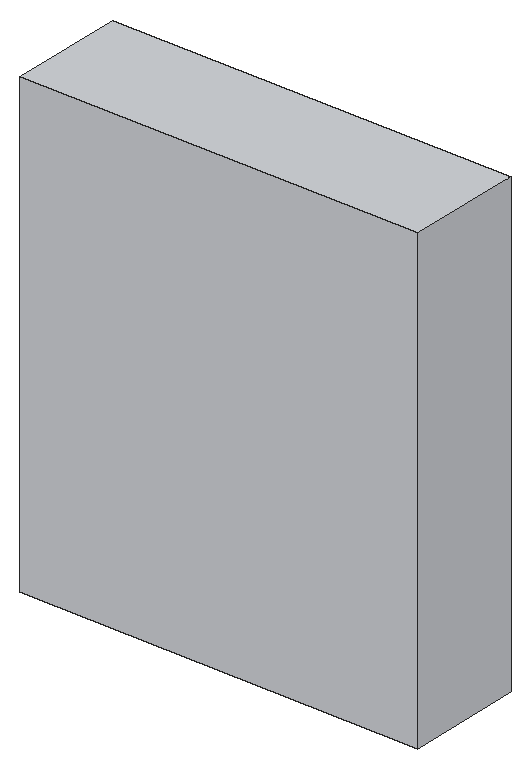
Revit family "Conexão DSL_M", category Terreno, Revit 2019
Family settings
  Hospedeiro = Parede
  Cota do conector redondo = Utilizar diâmetro
  Tipo de parte = Normal
  ID de item do Seek = DSL Connection-0000-CAN-ENU
  Sempre na vertical = Sim
  Corte com vazios quando carregada = Não
  Compartilhado = Não
Parameters (values of type "Padrão")
  Largura = 145 mm
  Comprimento = 500 mm
  Altura da instalação = 1200 mm
  Altura = 580 mm
Reference planes
  plane 1: y = 0
  plane 2 "Centro (Esquerda/Direita)": x = 0
  plane 3 "Aresta da parede": y = 76.2
  plane 4: z = 1200
  plane 5: z = 1780
  plane 6: x = 250
  plane 7: x = -250
  plane 8: y = 221.2
Forms (mm)
  Extrusion 1, solid
    sketch origin (0, 0, 0) x (0, 1, 0) y (0, 0, 1)
      loop
        line (221.2, 1780) -> (76.2, 1780) -> (76.2, 1200) -> (221.2, 1200) -> (221.2, 1780)
    from -250 to 250
Text (mm)
  text "Lado da colocação" at (0, 1019.848, 3124.603), in view "Direita"
  text "Lado da colocação" at (-1787.662, 723.012, 0), in view "Nível de referência"
  text "Lado da colocação" at (0, 2073.289, 3571.227), in view "Esquerda"
Dimensions and locks
  locked: plane 3 "Aresta da parede" to host wall
  "Altura da instalação": plane 4 to level
  "Altura": plane 5 to plane 4
  equal spacing: plane 7, plane 2 "Centro (Esquerda/Direita)", plane 6
  "Comprimento": plane 7 to plane 6
  "Largura": plane 8 to plane 3 "Aresta da parede"
  aligned and locked: plane 8 to Extrusion 1 sketch curve
  aligned and locked: plane 5 to Extrusion 1 sketch curve
  aligned and locked: plane 4 to Extrusion 1 sketch curve
  aligned and locked: Extrusion 1 sketch curve to host wall
  aligned and locked: plane 7 to Extrusion 1
  aligned and locked: Extrusion 1 to plane 6
  aligned and locked: plane 5 to Extrusion 1
  aligned and locked: Extrusion 1 to plane 4
Connectors
  electrical at (250, 148.7, 1490)
    settings: on Extrusion 1, index 1, voltage 0 V, apparent load 0 VA, apparent load phase1 0 VA, apparent load phase2 0 VA, apparent load phase3 0 VA, power factor 1, load classification "Outros", number of poles 1, system type 14, power factor state 1, is connector primary yes, connector utility yes, sub classification motor no, connector description "DSL"
  electrical at (-250, 148.7, 1490)
    settings: on Extrusion 1, index 2, voltage 0 V, apparent load 0 VA, apparent load phase1 0 VA, apparent load phase2 0 VA, apparent load phase3 0 VA, power factor 1, load classification "Outros", number of poles 1, system type 14, power factor state 1, is connector primary no, connector utility no, sub classification motor no, connector description "DSL"
